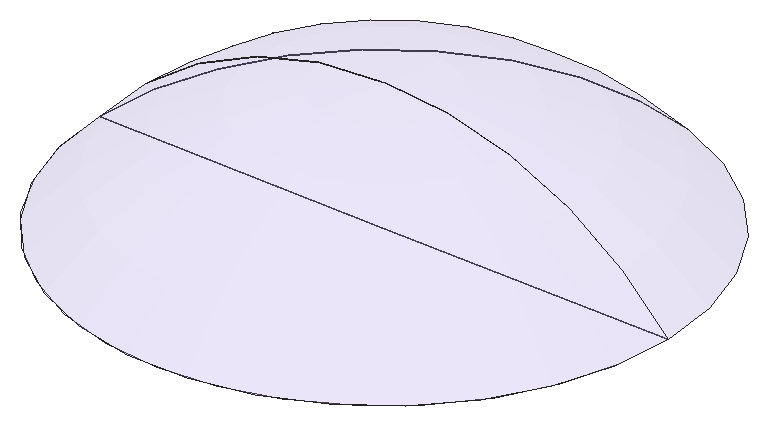
Revit family
Parameters (values of type "6000R x 2750H")
  Material [instance] = none
  Height [instance] = 2750 mm
  Half Width [instance] = 6000 mm
  Assembly Code = ""
Reference planes
  plane 1 "Center (Front/Back)": y = 12.955
  plane 2: z = 0
  plane 3 "Center (Left/Right)": x = -30.261
Forms (mm)
  Revolve 1, solid, material <- "Material"
    sketch origin (0, 12.955, 0) x (1, 0, 0) y (0, 0, 1)
      loop
        line (-30.261, 0) -> (-30.261, 2750)
        arc (-30.261, 2750) -> (-3339.083, 2048.793) -> (-6030.261, 0) r 7717.277
        line (-6030.261, 0) -> (-30.261, 0)
      axis (-30.261, 0) -> (-30.261, 2750)
    angle from 0 to 360
Dimensions and locks
  "Height": Revolve 1 sketch curve to Revolve 1 sketch curve
  "Half Width": Revolve 1 sketch curve to Revolve 1 sketch curve
Automatic sketch dimensions
  Revolve 1 sketch curve to level = 0 mm
  Revolve 1 sketch curve to plane 3 "Center (Left/Right)" = 0 mm  (x2)
  Revolve 1 sketch curve to plane 3 "Center (Left/Right)" = 93.382 mm
  Revolve 1 sketch curve to Revolve 1 sketch curve = 3657.6 mm
  Revolve 1 sketch curve to Revolve 1 sketch curve = 1219.2 mm
